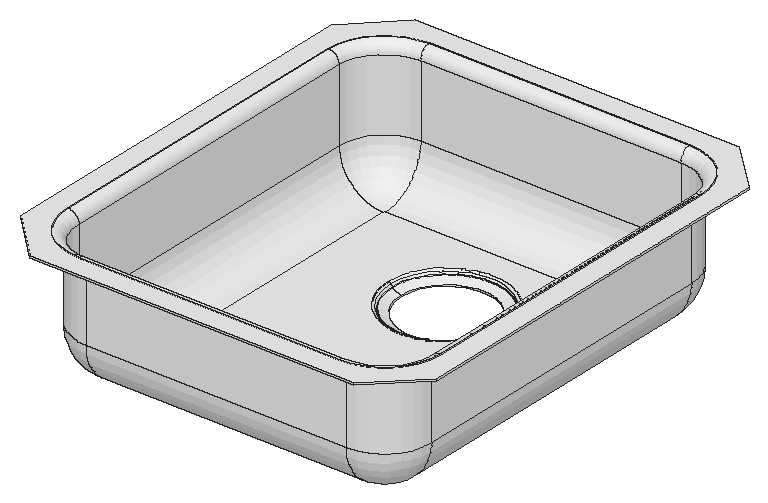
Revit family "ELUHAD131650", category Plumbing Fixtures, Revit 2019
Family settings
  Round Connector Dimension = Use Radius
  Part Type = Normal
  OmniClass Number = 23.45.05.14.14.27
  OmniClass Title = Service Sinks
  Work Plane-Based = No
  Always vertical = Yes
  Cut with Voids When Loaded = No
  Shared = No
  Room Calculation Point = No
Parameters (values of type "ELUHAD131650")
  URL = "www.elkayusa.com"
  Template Included = "Yes"
  Specification Sheet URL = ""
  Sound Deadening = "Bottom only pads"
  Sink Width = 1' - 6 1/2"
  Sink Material = Metal - Steel - Stainless - Chrome
  Sink Length = 1' - 4"
  Sink Ledge Sides Width = Sink Ledge Corner Width  # 0' - 1 1/4"
  Sink Ledge Front Width = Sink Ledge Corner Width  # 0' - 1 1/4"
  Sink Ledge Corner Width = 0' - 1 1/4"  # constant formula
  Sink Ledge Back Width = Sink Ledge Corner Width  # 0' - 1 1/4"
  Sink Dimensions = "16 inch x 18-1/2 inch x 4-7/8 inch"
  Sink Depth = 0' - 4 7/8"
  Sanitary Flow Rate = 10 GPM
  OmniClass Title = "Service Sinks"
  OmniClass Code = "23.45.05.14.14.27"
  Number of Bowls = "1"
  Nominal Radius = Nominal Dia / 2  # 0' - 0 3/4"
  Nominal Dia = 0' - 1 1/2"
  Mounting Hardware = "Undermount brackets sold separately"
  Model Number = ""
  Model = "Lustertone Undermount"
  Minimum Cabinet Size = "21 inch"
  Material = "304 Stainless Steel"
  MasterFormat Title = "Commercial Sinks"
  MasterFormat Number = "22.42.16.16"
  Manufacturer = "Elkay Manufacturing"
  Installation Type = "Undermount"
  Gauge = "18"
  Finish = "Lustrous Satin"
  Drain Size = "3-1/2 inch (89mm)"
  Drain Locations = "Rear Center"
  Drain Location = 0' - 5"
  Description = "Lustertone Single Bowl Sink"
  Deep Specification Sheet URL = ""
  Date Created = "10082021"  # constant formula
  Cutout Template # = "1000001399"
  CL Sink to CL Drain = 0' - 0"
  Bowl Width = (Sink Width - Sink Ledge Front Width - Sink Ledge Back Width)  # 1' - 4"
  Bowl Length = Sink Length - Sink Ledge Sides Width - Sink Ledge Sides Width  # 1' - 1 1/2"
  Bowl 1 Dimensions = "13-1/2 inch x 16 inch x 4-7/8 inch"
  Assembly Code = "D2010410"
Reference planes (in)
  plane 1 "CL Sink Hole": y = 3
  plane 2 "Top": z = 0
  plane 3 "Center (Left/Right)": x = 0
  plane 4 "Basin Edge Left": x = -6.75
  plane 5 "Basin Edge Right": x = 6.75
  plane 6 "Basin Edge Back": y = 8
  plane 7 "Basin Edge Front": y = -8
  plane 8 "Left": x = -8
  plane 9 "Right": x = 8
  plane 10 "Back": y = 9.25
  plane 11 "Front": y = -9.25
  plane 12 "Sink Angle Right": x = 5.53553
  plane 13 "Sink Angle Back": y = 6.78553
  plane 14 "Sink Angle Left": x = -5.53553
  plane 15 "Sink Angle Front": y = -6.78553
  plane 16 "Edge Radii Right": x = 7.17188
  plane 17 "Edge of Radii Left": x = -7.17187
  plane 18 "Sink Bowl Bottom (Top Face)": z = -4.875
  plane 19 "Sink Top Piece Bottom Face": z = -0.0625
  plane 20 "Top Radius Corner Prot": z = -0.42188
  plane 21: z = -3.1875
  plane 22 "Sink Bowl Bottom (Bottom Face)": z = -4.9375
  plane 23 "Left Sink Bottom Piece Left Edge": x = -5.0625
  plane 24 "Sink Bottom Piece Right Edge": x = 5.0625
  plane 25 "Sink Bottom Piece Back Edge": y = 6.3125
  plane 26 "Sink Bottom Piece Front Edge": y = -6.3125
  plane 27 "Center (Front/Back)": y = 0
  plane 28 "Bowl CL Drain": x = 0
  plane 29 "Edge Radii Front": y = -8.42188
  plane 30 "Right Sink Right Edge Radius": x = 5
  plane 31 "Front Edge Bottom Edge Radius": y = -6.25
  plane 32 "Back Edge Bottom Edge Radius": y = 6.25
  plane 33 "Edge Radii Back": y = 8.42187
  plane 34 "Left Bowl Bottom Edge Radius": x = -5
  plane 35 "Masking Region": z = 1.25157
  plane 36 "Sink Drain Elev Bottom": z = -6.375
  plane 37 "Sink Drain Elev Top": z = -6.125
  plane 38 "Top Radius Elev - 1-8": z = -0.10938
  plane 39 "Top Radius 1-8 Front": y = -8.10938
  plane 40 "Top Radius 1-8 Left": x = -6.85937
  plane 41 "Top Radius 1-8 Right": x = 6.85938
  plane 42 "Top Radius 1-8 Back": y = 8.10937
  plane 43 "Inside Radius Tangent Right": x = 5.72487
  plane 44 "Inside Radius Tangent Back": y = 6.97487
  plane 45 "Inside Radius Tangent Front": y = -6.97487
  plane 46 "Inside Radius Tangent Left": x = -5.72487
Forms (in)
  Extrusion 1, solid, material "Metal - Steel - Stainless - Chrome" <- "Sink Material"
    sketch origin (0, 0, 0) x (1, 0, 0) y (0, 1, 0)
      loop
        line (8, 7.49264) -> (6.24264, 9.25) -> (-6.24264, 9.25) -> (-8, 7.49264) -> (-8, -7.49264) -> (-6.24264, -9.25) -> (6.24264, -9.25) -> (8, -7.49264) -> (8, 7.49264)
      loop
        arc (-5, 8.42187) -> (-6.53575, 7.78575) -> (-7.17187, 6.25) r 2.17187
        line (-7.17187, 6.25) -> (-7.17188, -6.25)
        arc (-7.17188, -6.25) -> (-6.53575, -7.78575) -> (-5, -8.42188) r 2.17188
        line (-5, -8.42188) -> (5, -8.42188)
        arc (5, -8.42188) -> (6.53575, -7.78575) -> (7.17188, -6.25) r 2.17188
        line (7.17188, -6.25) -> (7.17188, 6.25)
        arc (7.17188, 6.25) -> (6.53575, 7.78575) -> (5, 8.42187) r 2.17188
        line (5, 8.42187) -> (-5, 8.42187)
    from -0.0625 to 0
  Extrusion 2, solid, material "Metal - Steel - Stainless - Chrome" <- "Sink Material"
    sketch origin (0, 0, 0) x (1, 0, 0) y (0, 1, 0)
      loop
        arc (-5, 6.3125) -> (-5.04419, 6.29419) -> (-5.0625, 6.25) r 0.0625
        line (-5.0625, 6.25) -> (-5.0625, -6.25)
        arc (-5.0625, -6.25) -> (-5.04419, -6.29419) -> (-5, -6.3125) r 0.0625
        line (-5, -6.3125) -> (5, -6.3125)
        arc (5, -6.3125) -> (5.04419, -6.29419) -> (5.0625, -6.25) r 0.0625
        line (5.0625, -6.25) -> (5.0625, 6.25)
        arc (5.0625, 6.25) -> (5.04419, 6.29419) -> (5, 6.3125) r 0.0625
        line (5, 6.3125) -> (-5, 6.3125)
      loop
        circle (0, 3) r 2.25
    from -4.9375 to -4.875
  Sweep 3, solid, material "Metal - Steel - Stainless - Chrome" <- "Sink Material"
    path origin (14.75, 0, -4.875) x (-1, 0, 0) y (0, -1, 0)
      loop
        circle (14.75, -3) r 2.25
    profile "profile-elkay-sink-hole-3 : profile-elkay-sink-hole-3" origin (0, 0.75, -4.875) x (0, 1, 0) y (0, 0, 1)
      loop
        line (0.5, -0.29111) -> (0.15646, -0.13437)
        arc (0.15646, -0.13437) -> (0.14249, -0.12559) -> (0.13131, -0.11346) r 0.0625
        line (0.13131, -0.11346) -> (0.08817, -0.05226)
        arc (0.08817, -0.05226) -> (0.05064, -0.01507) -> (0, 0) r 0.1086
        line (0, 0) -> (0, -0.04618)
        arc (0, -0.04618) -> (0.02621, -0.05419) -> (0.04646, -0.07265) r 0.0625
        line (0.04646, -0.07265) -> (0.09341, -0.13969)
        arc (0.09341, -0.13969) -> (0.11294, -0.16097) -> (0.13739, -0.17634) r 0.1086
        line (0.13739, -0.17634) -> (0.5, -0.34178) -> (0.5, -0.29111)
  Sweep 4, solid, material "Metal - Steel - Stainless - Chrome" <- "Sink Material"
    path origin (0, 0, 0) x (1, 0, 0) y (0, 1, 0)
      loop
        line (-5, -8) -> (5, -8)
        arc (5, -8) -> (6.23744, -7.48744) -> (6.75, -6.25) r 1.75
        line (6.75, -6.25) -> (6.75, 6.25)
        arc (6.75, 6.25) -> (6.23744, 7.48744) -> (5, 8) r 1.75
        line (5, 8) -> (-5, 8)
        arc (-5, 8) -> (-6.23744, 7.48744) -> (-6.75, 6.25) r 1.75
        line (-6.75, 6.25) -> (-6.75, -6.25)
        arc (-6.75, -6.25) -> (-6.23744, -7.48744) -> (-5, -8) r 1.75
    profile origin (0, -8, 0) x (0, 1, 0) y (0, 0, 1)
      loop
        arc (0, -0.42187) -> (-0.12356, -0.12356) -> (-0.42187, 0) r 0.42188
        line (-0.42187, 0) -> (-0.42187, -0.0625)
        arc (-0.42187, -0.0625) -> (-0.16776, -0.16776) -> (-0.0625, -0.42187) r 0.35938
        line (-0.0625, -0.42187) -> (-0.0625, -3.1875)
        arc (-0.0625, -3.1875) -> (0.45006, -4.42494) -> (1.6875, -4.9375) r 1.75
        line (1.6875, -4.9375) -> (1.6875, -4.875)
        arc (1.6875, -4.875) -> (0.49426, -4.38074) -> (0, -3.1875) r 1.6875
        line (0, -3.1875) -> (0, -0.42187)
  Extrusion 5, solid, material "Glass", not visible
    sketch origin (0, 0, -6.125) x (0, -1, 0) y (1, 0, 0)
      loop
        circle (-3, 0) r 0.75
    from -0.25 to 0
Cuts and joins
  joined: Extrusion 2, Sweep 3, Sweep 4
Lines and regions (in)
  Masking region 1
    outline origin (0, 0, 0) x (1, 0, 0) y (0, 1, 0)
      loop
        line (-7.17187, 6.25) -> (-7.17188, -6.25)
        arc (-7.17188, -6.25) -> (-6.53575, -7.78575) -> (-5, -8.42188) r 2.17188
        line (-5, -8.42188) -> (5, -8.42188)
        arc (5, -8.42188) -> (6.53575, -7.78575) -> (7.17188, -6.25) r 2.17188
        line (7.17188, -6.25) -> (7.17188, 6.25)
        arc (7.17188, 6.25) -> (6.53575, 7.78575) -> (5, 8.42187) r 2.17188
        line (5, 8.42187) -> (-5, 8.42187)
        arc (-5, 8.42187) -> (-6.53575, 7.78575) -> (-7.17187, 6.25) r 2.17187
  reference lines, not visible
    curve 1: arc (-0.625, 3, -3.1875) -> (-1.11926, 3, -4.38074) -> (-2.3125, 3, -4.875) r 1.6875
    curve 2: arc (-6.75, 3, -3.1875) -> (-6.25574, 3, -4.38074) -> (-5.0625, 3, -4.875) r 1.6875
    curve 3: arc (-0.625, 3, -0.42188) -> (-0.50144, 3, -0.12356) -> (-0.20313, 3, 0) r 0.42188
    curve 4: arc (0, -6.3125, -4.875) -> (0, -7.50574, -4.38074) -> (0, -8, -3.1875) r 1.6875
    curve 5: arc (0, -8, -0.42188) -> (0, -8.12356, -0.12356) -> (0, -8.42188, 0) r 0.42188
    curve 6: arc (5.0625, 6.25, 0) -> (5.04419, 6.29419, 0) -> (5, 6.3125, 0) r 0.0625
    curve 7: arc (5.0625, -6.25, 0) -> (5.04419, -6.29419, 0) -> (5, -6.3125, 0) r 0.0625
    curve 8: arc (6.75, 6.25, 1.25157) -> (6.23744, 7.48744, 1.25157) -> (5, 8, 1.25157) r 1.75
    curve 9: arc (6.75, -6.25, 1.25157) -> (6.23744, -7.48744, 1.25157) -> (5, -8, 1.25157) r 1.75
    curve 12: arc (-5, -6.3125, 0) -> (-5.04419, -6.29419, 0) -> (-5.0625, -6.25, 0) r 0.0625
    curve 13: arc (-5, 6.3125, 0) -> (-5.04419, 6.29419, 0) -> (-5.0625, 6.25, 0) r 0.0625
    curve 16: arc (-6.192, 7.53126, 1.25157) -> (-6.60445, 6.94875, 1.25157) -> (-6.75, 6.25, 1.25157) r 1.75
    curve 17: arc (-6.75, -6.25, 1.25157) -> (-6.23744, -7.48744, 1.25157) -> (-5, -8, 1.25157) r 1.75
    curve 18: circle (0, 3, -6.375) r 0.75 normal (0, 0, 1)
    curve 20: circle (0, 3, -4.875) r 1.75 normal (0, 0, 1)
    curve 29: arc (-5, 9.125, 1.25157) -> (-7.03293, 8.28293, 1.25157) -> (-7.875, 6.25, 1.25157) r 2.875
    curve 30: arc (7.5, 6.25, 1.25157) -> (6.76777, 8.01777, 1.25157) -> (5, 8.75, 1.25157) r 2.5
    curve 31: line (-5.72487, 8, 0) -> (-6.75, 6.97487, 0)
    curve 32: line (5.72487, 8, 0) -> (6.75, 6.97487, 0)
    curve 33: line (5.84745, 9.64519, 0) -> (8.44376, 7.04888, 0)
    curve 34: line (6.75, -6.97487, 0) -> (5.72487, -8, 0)
    curve 35: line (8.41329, -7.07936, 0) -> (5.86612, -9.62652, 0)
    curve 36: line (-6.75, -6.97487, 0) -> (-5.72487, -8, 0)
    curve 37: line (-8.59102, -6.90163, 0) -> (-6.14647, -9.34617, 0)
    curve 38: line (-5.79997, 9.69267, 0) -> (-8.40098, 7.09166, 0)
  reference lines
    curve 10: arc (7.17188, 6.25, 0) -> (6.53575, 7.78575, 0) -> (5, 8.42187, 0) r 2.17188
    curve 11: arc (-5, -8.42188, 0) -> (-6.53575, -7.78575, 0) -> (-7.17188, -6.25, 0) r 2.17188
    curve 14: arc (-5, 8.42187, 0) -> (-6.53575, 7.78575, 0) -> (-7.17187, 6.25, 0) r 2.17187
    curve 15: arc (7.17188, -6.25, 0) -> (6.53575, -7.78575, 0) -> (5, -8.42188, 0) r 2.17188
    curve 19: circle (0, 3, -4.875) r 2.25 normal (0, 0, 1)
    curve 21: circle (0, 3, -4.875) r 2.25 normal (0, 0, 1)
    curve 24: arc (0, -8, -0.10938) -> (0, -8.03204, -0.03204) -> (0, -8.10938, 0) r 0.10938
    curve 25: arc (6.85938, 6.25, 0) -> (6.31478, 7.56478, 0) -> (5, 8.10937, 0) r 1.85938
    curve 26: arc (-5, 8.10937, 0) -> (-6.31478, 7.56478, 0) -> (-6.85937, 6.25, 0) r 1.85938
    curve 27: arc (-5, -8.10938, 0) -> (-6.31478, -7.56478, 0) -> (-6.85938, -6.25, 0) r 1.85938
    curve 28: arc (6.85938, -6.25, 0) -> (6.31478, -7.56478, 0) -> (5, -8.10938, 0) r 1.85938
  symbolic lines, style "Sinks"
    curve 22: circle (0, 3, -4.875) r 2.25 normal (0, 0, 1)
    curve 23: circle (0, 3, -4.875) r 1.75 normal (0, 0, 1)
    curve 39: line (-5, 8, 0) -> (5, 8, 0)
    curve 40: line (6.75, 6.25, 0) -> (6.75, -6.25, 0)
    curve 41: line (-5, -8, 0) -> (5, -8, 0)
    curve 42: line (-6.75, 6.25, 0) -> (-6.75, -6.25, 0)
    curve 43: arc (6.75, 6.25, 0) -> (6.23744, 7.48744, 0) -> (5, 8, 0) r 1.75
    curve 44: arc (-5, 8, 0) -> (-6.23744, 7.48744, 0) -> (-6.75, 6.25, 0) r 1.75
    curve 45: arc (-6.75, -6.25, 0) -> (-6.23744, -7.48744, 0) -> (-5, -8, 0) r 1.75
    curve 46: arc (6.75, -6.25, 0) -> (6.23744, -7.48744, 0) -> (5, -8, 0) r 1.75
Dimensions and locks (in)
  "Sink Ledge Sides Width": plane 8 "Left" to plane 4 "Basin Edge Left"
  "Sink Ledge Sides Width": plane 5 "Basin Edge Right" to plane 9 "Right"
  "Sink Length": plane 8 "Left" to plane 9 "Right"
  "Drain Location": plane 6 "Basin Edge Back" to plane 1 "CL Sink Hole"
  "Sink Ledge Back Width": plane 10 "Back" to plane 6 "Basin Edge Back"
  "Sink Ledge Front Width": plane 7 "Basin Edge Front" to plane 11 "Front"
  plane 12 "Sink Angle Right" to plane 9 "Right" = 0' - 2.46447"
  plane 10 "Back" to plane 13 "Sink Angle Back" = 0' - 2.46447"
  plane 8 "Left" to plane 14 "Sink Angle Left" = 0' - 2.46447"
  plane 15 "Sink Angle Front" to plane 11 "Front" = 0' - 2.46447"
  "Sink Width": plane 10 "Back" to plane 11 "Front"
  locked: plane 17 "Edge of Radii Left" to plane 4 "Basin Edge Left" at 0.42188
  locked: plane 26 "Sink Bottom Piece Front Edge" to plane 7 "Basin Edge Front" at 1.6875
  locked: plane 4 "Basin Edge Left" to plane 23 "Left Sink Bottom Piece Left Edge" at 1.6875
  locked: plane 24 "Sink Bottom Piece Right Edge" to plane 5 "Basin Edge Right" at 1.6875
  locked: plane 6 "Basin Edge Back" to plane 25 "Sink Bottom Piece Back Edge" at 1.6875
  locked: plane 5 "Basin Edge Right" to plane 16 "Edge Radii Right" at 0.42188
  equal spacing: plane 10 "Back", plane 27 "Center (Front/Back)", plane 11 "Front"
  equal spacing: plane 8 "Left", plane 3 "Center (Left/Right)", plane 9 "Right"
  "CL Sink to CL Drain": plane 3 "Center (Left/Right)" to plane 28 "Bowl CL Drain"
  locked: plane 30 "Right Sink Right Edge Radius" to plane 24 "Sink Bottom Piece Right Edge" at 0.0625
  locked: plane 31 "Front Edge Bottom Edge Radius" to plane 26 "Sink Bottom Piece Front Edge" at 0.0625
  locked: plane 25 "Sink Bottom Piece Back Edge" to plane 32 "Back Edge Bottom Edge Radius" at 0.0625
  locked: plane 33 "Edge Radii Back" to plane 6 "Basin Edge Back" at 0.42188
  locked: plane 7 "Basin Edge Front" to plane 29 "Edge Radii Front" at 0.42187
  locked: plane 23 "Left Sink Bottom Piece Left Edge" to plane 34 "Left Bowl Bottom Edge Radius" at 0.0625
  "Sink Depth": plane 2 "Top" to plane 18 "Sink Bowl Bottom (Top Face)"
  locked: plane 2 "Top" to plane 20 "Top Radius Corner Prot" at 0.42188
  locked: plane 2 "Top" to plane 19 "Sink Top Piece Bottom Face" at 0.0625
  locked: plane 21 to plane 18 "Sink Bowl Bottom (Top Face)" at 1.6875
  locked: plane 18 "Sink Bowl Bottom (Top Face)" to plane 22 "Sink Bowl Bottom (Bottom Face)" at 0.0625
  locked: plane 35 "Masking Region" to plane 2 "Top" at 1.25157
  locked: plane 18 "Sink Bowl Bottom (Top Face)" to plane 36 "Sink Drain Elev Bottom" at 1.5
  locked: plane 37 "Sink Drain Elev Top" to plane 36 "Sink Drain Elev Bottom" at 0.25
  locked: plane 39 "Top Radius 1-8 Front" to plane 7 "Basin Edge Front" at 0.10938
  locked: plane 2 "Top" to plane 38 "Top Radius Elev - 1-8" at 0.10938
  locked: plane 40 "Top Radius 1-8 Left" to plane 4 "Basin Edge Left" at 0.10938
  locked: plane 5 "Basin Edge Right" to plane 41 "Top Radius 1-8 Right" at 0.10938
  locked: plane 42 "Top Radius 1-8 Back" to plane 6 "Basin Edge Back" at 0.10938
  locked: plane 32 "Back Edge Bottom Edge Radius" to plane 44 "Inside Radius Tangent Back" at 0.72487
  locked: plane 30 "Right Sink Right Edge Radius" to plane 43 "Inside Radius Tangent Right" at 0.72487
  locked: plane 45 "Inside Radius Tangent Front" to plane 31 "Front Edge Bottom Edge Radius" at 0.72487
  locked: plane 46 "Inside Radius Tangent Left" to plane 34 "Left Bowl Bottom Edge Radius" at 0.72487
  "Sink Ledge Corner Width": curve 32 to curve 33
  "Sink Ledge Corner Width": curve 34 to curve 35
  "Sink Ledge Corner Width": curve 37 to curve 36
  "Sink Ledge Corner Width": curve 38 to curve 31
  "Nominal Radius": radius of curve 18
  aligned: Extrusion 1 to plane 19 "Sink Top Piece Bottom Face"
  aligned: Extrusion 2 to plane 18 "Sink Bowl Bottom (Top Face)"
  aligned and locked: Extrusion 2 to plane 22 "Sink Bowl Bottom (Bottom Face)"
  aligned and locked: plane 18 "Sink Bowl Bottom (Top Face)" to Extrusion 2
  aligned and locked: Extrusion 2 sketch curve to curve 7
  aligned and locked: Extrusion 2 sketch curve to curve 6
  aligned and locked: Sweep 4 sketch curve to curve 8
  aligned and locked: Sweep 4 sketch curve to curve 9
  aligned and locked: Sweep 4 sketch curve to curve 4
  aligned and locked: Extrusion 1 sketch curve to plane 9 "Right"
  aligned and locked: Extrusion 1 sketch curve to plane 10 "Back"
  aligned and locked: Extrusion 1 sketch curve to plane 8 "Left"
  aligned and locked: Extrusion 1 sketch curve to plane 11 "Front"
  aligned and locked: plane 2 "Top" to Extrusion 1
  aligned and locked: Extrusion 1 to plane 19 "Sink Top Piece Bottom Face"
  aligned and locked: Extrusion 5 sketch curve to curve 18
  aligned and locked: Extrusion 5 to plane 36 "Sink Drain Elev Bottom"
  aligned and locked: plane 37 "Sink Drain Elev Top" to Extrusion 5
  aligned and locked: Sweep 4 sketch curve to curve 16
  aligned and locked: Sweep 4 sketch curve to curve 17
  aligned and locked: Extrusion 2 sketch curve to curve 13
  aligned and locked: Extrusion 2 sketch curve to curve 12
  aligned and locked: Sweep 3 sketch curve to curve 19
  aligned and locked: Extrusion 2 sketch curve to curve 19
  aligned and locked: curve 22 to curve 21
  aligned and locked: curve 23 to curve 20
  aligned and locked: curve 33 to Extrusion 1 sketch curve
  aligned and locked: curve 35 to Extrusion 1 sketch curve
  aligned and locked: curve 37 to Extrusion 1 sketch curve
  aligned and locked: curve 38 to Extrusion 1 sketch curve
  aligned and locked: Masking region 1 sketch curve to curve 10
  aligned and locked: Masking region 1 sketch curve to curve 14
  aligned and locked: Masking region 1 sketch curve to curve 11
  aligned and locked: Masking region 1 sketch curve to curve 15
  aligned and locked: curve 43 to curve 8
  aligned and locked: curve 44 to curve 16
  aligned and locked: curve 45 to curve 17
  aligned and locked: curve 46 to curve 9
  aligned and locked: Sweep 4 sketch curve to curve 5
  aligned and locked: Sweep 4 sketch curve to plane 29 "Edge Radii Front"
  aligned and locked: Extrusion 1 sketch curve to curve 14
  aligned and locked: Extrusion 1 sketch curve to curve 11
  aligned and locked: Extrusion 1 sketch curve to curve 15
  aligned and locked: Extrusion 1 sketch curve to curve 10
Automatic sketch dimensions
  curve 2 to plane 4 "Basin Edge Left" = 0' - 0"
  curve 2 to plane 21 = 0' - 0"
  curve 2 to plane 23 "Left Sink Bottom Piece Left Edge" = 0' - 0"
  curve 1 to plane 18 "Sink Bowl Bottom (Top Face)" = 0' - 0"
  curve 3 to plane 20 "Top Radius Corner Prot" = 0' - 0"
  curve 1 to plane 21 = 0' - 0"
  plane 1 "CL Sink Hole" to curve 18 = 0' - 0"
  curve 18 to plane 28 "Bowl CL Drain" = 0' - 0"
  curve 3 to level = 0' - 0"
  curve 1 to plane 3 "Center (Left/Right)" = 0' - 2 5/16"
  curve 3 to plane 3 "Center (Left/Right)" = 0' - 0 5/8"
  curve 19 to curve 20 = 0' - 0"  (x2)
  curve 19 to curve 21 = 0' - 0"  (x2)
  curve 20 to curve 21 = 0' - 0"  (x2)
  plane 1 "CL Sink Hole" to curve 20 = 0' - 0"
  curve 20 to plane 28 "Bowl CL Drain" = 0' - 0"
  curve 8 to plane 5 "Basin Edge Right" = 0' - 0"
  curve 16 to plane 4 "Basin Edge Left" = 0' - 0"
  curve 17 to plane 4 "Basin Edge Left" = 0' - 0"
  curve 9 to plane 5 "Basin Edge Right" = 0' - 0"
  curve 5 to level = 0' - 0"
  curve 5 to plane 29 "Edge Radii Front" = 0' - 0"
  curve 24 to plane 38 "Top Radius Elev - 1-8" = 0' - 0"
  curve 24 to plane 39 "Top Radius 1-8 Front" = 0' - 0"
  curve 5 to plane 7 "Basin Edge Front" = 0' - 0"
  curve 4 to plane 7 "Basin Edge Front" = 0' - 0"
  curve 24 to plane 7 "Basin Edge Front" = 0' - 0"
  curve 4 to plane 21 = 0' - 0"
  curve 4 to plane 26 "Sink Bottom Piece Front Edge" = 0' - 0"
  Sweep 4 sketch curve to Sweep 4 sketch curve = 0' - 0"  (x2)
  curve 8 to curve 30 = 0' - 0"  (x4)
  plane 5 "Basin Edge Right" to curve 30 = 0' - 0 3/4"
  curve 6 to curve 10 = 0' - 0"  (x2)
  curve 6 to curve 25 = 0' - 0"  (x2)
  curve 7 to curve 15 = 0' - 0"  (x2)
  curve 7 to curve 28 = 0' - 0"  (x2)
  curve 10 to curve 25 = 0' - 0"  (x2)
  curve 11 to curve 12 = 0' - 0"  (x2)
  curve 11 to curve 27 = 0' - 0"  (x2)
  curve 12 to curve 27 = 0' - 0"  (x2)
  curve 13 to curve 14 = 0' - 0"  (x2)
  curve 13 to curve 26 = 0' - 0"  (x2)
  curve 14 to curve 26 = 0' - 0"  (x2)
  curve 15 to curve 28 = 0' - 0"  (x2)
  curve 14 to plane 17 "Edge of Radii Left" = 0' - 0"
  curve 11 to plane 17 "Edge of Radii Left" = 0' - 0"
  plane 32 "Back Edge Bottom Edge Radius" to curve 26 = 0' - 0"
  curve 26 to plane 40 "Top Radius 1-8 Left" = 0' - 0"
  plane 31 "Front Edge Bottom Edge Radius" to curve 27 = 0' - 0"
  curve 27 to plane 40 "Top Radius 1-8 Left" = 0' - 0"
  curve 31 to plane 4 "Basin Edge Left" = 0' - 0"
  curve 36 to plane 4 "Basin Edge Left" = 0' - 0"
  curve 31 to plane 6 "Basin Edge Back" = 0' - 0"
  curve 31 to plane 46 "Inside Radius Tangent Left" = 0' - 0"
  curve 36 to plane 7 "Basin Edge Front" = 0' - 0"
  curve 36 to plane 46 "Inside Radius Tangent Left" = 0' - 0"
  curve 12 to plane 23 "Left Sink Bottom Piece Left Edge" = 0' - 0"
  curve 13 to plane 23 "Left Sink Bottom Piece Left Edge" = 0' - 0"
  curve 13 to plane 34 "Left Bowl Bottom Edge Radius" = 0' - 0"
  curve 12 to plane 26 "Sink Bottom Piece Front Edge" = 0' - 0"
  curve 25 to plane 30 "Right Sink Right Edge Radius" = 0' - 0"
  curve 15 to plane 29 "Edge Radii Front" = 0' - 0"
  curve 15 to plane 30 "Right Sink Right Edge Radius" = 0' - 0"
  curve 7 to plane 24 "Sink Bottom Piece Right Edge" = 0' - 0"
  curve 6 to plane 24 "Sink Bottom Piece Right Edge" = 0' - 0"
  curve 34 to plane 7 "Basin Edge Front" = 0' - 0"
  curve 34 to plane 43 "Inside Radius Tangent Right" = 0' - 0"
  curve 32 to plane 6 "Basin Edge Back" = 0' - 0"
  curve 32 to plane 43 "Inside Radius Tangent Right" = 0' - 0"
  curve 34 to plane 5 "Basin Edge Right" = 0' - 0"
  curve 32 to plane 5 "Basin Edge Right" = 0' - 0"
  plane 32 "Back Edge Bottom Edge Radius" to curve 25 = 0' - 0"
  curve 25 to plane 41 "Top Radius 1-8 Right" = 0' - 0"
  plane 31 "Front Edge Bottom Edge Radius" to curve 28 = 0' - 0"
  curve 28 to plane 41 "Top Radius 1-8 Right" = 0' - 0"
  curve 10 to plane 16 "Edge Radii Right" = 0' - 0"
  plane 45 "Inside Radius Tangent Front" to curve 34 = 0' - 0"
  plane 45 "Inside Radius Tangent Front" to curve 36 = 0' - 0"
  curve 32 to plane 44 "Inside Radius Tangent Back" = 0' - 0"
  curve 31 to plane 44 "Inside Radius Tangent Back" = 0' - 0"
  plane 44 "Inside Radius Tangent Back" to curve 38 = 0' - 0.11679"
  curve 37 to plane 45 "Inside Radius Tangent Front" = 0' - 0.07325"
  curve 37 to plane 11 "Front" = 0' - 0.09617"
  curve 38 to plane 46 "Inside Radius Tangent Left" = 0' - 0.0751"
  curve 33 to plane 43 "Inside Radius Tangent Right" = 0' - 0.12257"
  curve 35 to plane 43 "Inside Radius Tangent Right" = 0' - 0.14124"
  plane 45 "Inside Radius Tangent Front" to curve 35 = 0' - 0.10448"
  plane 44 "Inside Radius Tangent Back" to curve 33 = 0' - 0.074"
  curve 16 to curve 29 = 0' - 0"  (x2)
  plane 32 "Back Edge Bottom Edge Radius" to curve 16 = 0' - 0"
  curve 16 to plane 34 "Left Bowl Bottom Edge Radius" = 0' - 0"
  curve 16 to plane 46 "Inside Radius Tangent Left" = 0' - 0.46713"
  plane 8 "Left" to curve 29 = 0' - 0 1/8"
  plane 31 "Front Edge Bottom Edge Radius" to curve 17 = 0' - 0"
  curve 17 to plane 34 "Left Bowl Bottom Edge Radius" = 0' - 0"
  curve 9 to plane 7 "Basin Edge Front" = 0' - 0"
  curve 9 to plane 30 "Right Sink Right Edge Radius" = 0' - 0"
  curve 8 to plane 6 "Basin Edge Back" = 0' - 0"
  curve 8 to plane 30 "Right Sink Right Edge Radius" = 0' - 0"
  profile plane to Sweep 4 sketch curve = 0' - 0 1/16"
  radius of curve 19 = 0' - 2 1/4"
  radius of curve 20 = 0' - 1 3/4"
  radius of curve 21 = 0' - 2 1/4"
Connectors (in)
  piping at (0, 3, -6.125), diameter 1.5, driven by "Nominal Radius", driven by "Sanitary Flow Rate"
    settings: on Extrusion 5, index 2, connector inside diameter 1 1/2", connector length 0' - 0", flow factor 0, pipe flow 10 GPM, pressure drop 0.00 psi, fitting loss kfactor 0, connector angle 0.00°, fixture units 0, engagement length 0' - 0", angle of deflection 0.00°, flow configuration 1, flow direction 2, fitting loss method 0, system type 16, joint type 0, gender type 0, connector reference index -1, connector utility 0, adjustable connector yes, is connector primary yes, connector description "Sink Drain Right"
